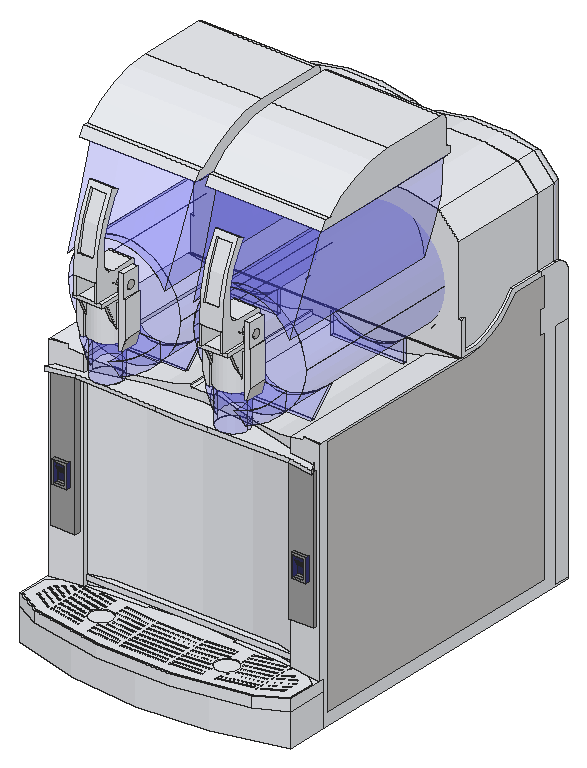
Revit family "QF_ELECTROLUXPROFESSIONAL_560051_NINA2ITNKUK", category Specialty Equipment, Revit 2018 (continued)
Automatic sketch dimensions
  curve 67 to curve 101 = 0.0 mm  (x2)
  curve 67 to curve 116 = 0.0 mm  (x2)
  curve 67 to curve 117 = 0.0 mm  (x2)
  curve 67 to curve 134 = 0.0 mm  (x2)
  curve 67 to curve 135 = 0.0 mm  (x2)
  curve 67 to curve 136 = 0.0 mm  (x2)
  curve 67 to curve 137 = 0.0 mm  (x2)
  curve 67 to curve 138 = 0.0 mm  (x2)
  curve 67 to curve 139 = 0.0 mm  (x2)
  curve 67 to curve 140 = 0.0 mm  (x2)
  curve 67 to curve 141 = 0.0 mm  (x2)
  curve 67 to curve 142 = 0.0 mm  (x2)
  curve 67 to curve 143 = 0.0 mm  (x2)
  curve 67 to curve 144 = 0.0 mm  (x2)
  curve 67 to curve 145 = 0.0 mm  (x2)
  curve 67 to curve 146 = 0.0 mm  (x2)
  curve 67 to curve 147 = 0.0 mm  (x2)
  curve 67 to curve 148 = 0.0 mm  (x2)
  curve 67 to curve 167 = 0.0 mm  (x2)
  curve 67 to curve 168 = 0.0 mm  (x2)
  curve 67 to curve 169 = 0.0 mm  (x2)
  curve 67 to curve 170 = 0.0 mm  (x2)
  curve 67 to curve 171 = 0.0 mm  (x2)
  curve 67 to curve 172 = 0.0 mm  (x2)
  curve 67 to curve 173 = 0.0 mm  (x2)
  curve 67 to curve 174 = 0.0 mm  (x2)
  curve 67 to curve 175 = 0.0 mm  (x2)
  curve 67 to curve 176 = 0.0 mm  (x2)
  curve 67 to curve 177 = 0.0 mm  (x2)
  curve 68 to curve 69 = 0.0 mm  (x2)
  curve 68 to curve 70 = 0.0 mm  (x2)
  curve 68 to curve 71 = 0.0 mm  (x2)
  curve 68 to curve 72 = 0.0 mm  (x2)
  curve 68 to curve 91 = 0.0 mm  (x2)
  curve 68 to curve 92 = 0.0 mm  (x2)
  curve 68 to curve 93 = 0.0 mm  (x2)
  curve 68 to curve 94 = 0.0 mm  (x2)
  curve 68 to curve 95 = 0.0 mm  (x2)
  curve 68 to curve 96 = 0.0 mm  (x2)
  curve 68 to curve 97 = 0.0 mm  (x2)
  curve 68 to curve 98 = 0.0 mm  (x2)
  curve 68 to curve 99 = 0.0 mm  (x2)
  curve 68 to curve 100 = 0.0 mm  (x2)
  curve 68 to curve 101 = 0.0 mm  (x2)
  curve 68 to curve 116 = 0.0 mm  (x2)
  curve 68 to curve 117 = 0.0 mm  (x2)
  curve 68 to curve 134 = 0.0 mm  (x2)
  curve 68 to curve 135 = 0.0 mm  (x2)
  curve 68 to curve 136 = 0.0 mm  (x2)
  curve 68 to curve 137 = 0.0 mm  (x2)
  curve 68 to curve 138 = 0.0 mm  (x2)
  curve 68 to curve 139 = 0.0 mm  (x2)
  curve 68 to curve 140 = 0.0 mm  (x2)
  curve 68 to curve 141 = 0.0 mm  (x2)
  curve 68 to curve 142 = 0.0 mm  (x2)
  curve 68 to curve 143 = 0.0 mm  (x2)
  curve 68 to curve 144 = 0.0 mm  (x2)
  curve 68 to curve 145 = 0.0 mm  (x2)
  curve 68 to curve 146 = 0.0 mm  (x2)
  curve 68 to curve 147 = 0.0 mm  (x2)
  curve 68 to curve 148 = 0.0 mm  (x2)
  curve 68 to curve 167 = 0.0 mm  (x2)
  curve 68 to curve 168 = 0.0 mm  (x2)
  curve 68 to curve 169 = 0.0 mm  (x2)
  curve 68 to curve 170 = 0.0 mm  (x2)
  curve 68 to curve 171 = 0.0 mm  (x2)
  curve 68 to curve 172 = 0.0 mm  (x2)
  curve 68 to curve 173 = 0.0 mm  (x2)
  curve 68 to curve 174 = 0.0 mm  (x2)
  curve 68 to curve 175 = 0.0 mm  (x2)
  curve 68 to curve 176 = 0.0 mm  (x2)
  curve 68 to curve 177 = 0.0 mm  (x2)
  curve 69 to curve 70 = 0.0 mm  (x2)
  curve 69 to curve 71 = 0.0 mm  (x2)
  curve 69 to curve 72 = 0.0 mm  (x2)
  curve 69 to curve 91 = 0.0 mm  (x2)
  curve 69 to curve 92 = 0.0 mm  (x2)
  curve 69 to curve 93 = 0.0 mm  (x2)
  curve 69 to curve 94 = 0.0 mm  (x2)
  curve 69 to curve 95 = 0.0 mm  (x2)
  curve 69 to curve 96 = 0.0 mm  (x2)
  curve 69 to curve 97 = 0.0 mm  (x2)
  curve 69 to curve 98 = 0.0 mm  (x2)
  curve 69 to curve 99 = 0.0 mm  (x2)
  curve 69 to curve 100 = 0.0 mm  (x2)
  curve 69 to curve 101 = 0.0 mm  (x2)
  curve 69 to curve 116 = 0.0 mm  (x2)
  curve 69 to curve 117 = 0.0 mm  (x2)
  curve 69 to curve 134 = 0.0 mm  (x2)
  curve 69 to curve 135 = 0.0 mm  (x2)
  curve 69 to curve 136 = 0.0 mm  (x2)
  curve 69 to curve 137 = 0.0 mm  (x2)
  curve 69 to curve 138 = 0.0 mm  (x2)
  curve 69 to curve 139 = 0.0 mm  (x2)
  curve 69 to curve 140 = 0.0 mm  (x2)
  curve 69 to curve 141 = 0.0 mm  (x2)
  curve 69 to curve 142 = 0.0 mm  (x2)
  curve 69 to curve 143 = 0.0 mm  (x2)
  curve 69 to curve 144 = 0.0 mm  (x2)
  curve 69 to curve 145 = 0.0 mm  (x2)
  curve 69 to curve 146 = 0.0 mm  (x2)
  curve 69 to curve 147 = 0.0 mm  (x2)
  curve 69 to curve 148 = 0.0 mm  (x2)
  curve 69 to curve 167 = 0.0 mm  (x2)
  curve 69 to curve 168 = 0.0 mm  (x2)
  curve 69 to curve 169 = 0.0 mm  (x2)
  curve 69 to curve 170 = 0.0 mm  (x2)
  curve 69 to curve 171 = 0.0 mm  (x2)
  curve 69 to curve 172 = 0.0 mm  (x2)
  curve 69 to curve 173 = 0.0 mm  (x2)
  curve 69 to curve 174 = 0.0 mm  (x2)
  curve 69 to curve 175 = 0.0 mm  (x2)
  curve 69 to curve 176 = 0.0 mm  (x2)
  curve 69 to curve 177 = 0.0 mm  (x2)
  curve 70 to curve 71 = 0.0 mm  (x2)
  curve 70 to curve 72 = 0.0 mm  (x2)
  curve 70 to curve 91 = 0.0 mm  (x2)
  curve 70 to curve 92 = 0.0 mm  (x2)
  curve 70 to curve 93 = 0.0 mm  (x2)
  curve 70 to curve 94 = 0.0 mm  (x2)
  curve 70 to curve 95 = 0.0 mm  (x2)
  curve 70 to curve 96 = 0.0 mm  (x2)
  curve 70 to curve 97 = 0.0 mm  (x2)
  curve 70 to curve 98 = 0.0 mm  (x2)
  curve 70 to curve 99 = 0.0 mm  (x2)
  curve 70 to curve 100 = 0.0 mm  (x2)
  curve 70 to curve 101 = 0.0 mm  (x2)
  curve 70 to curve 116 = 0.0 mm  (x2)
  curve 70 to curve 117 = 0.0 mm  (x2)
  curve 70 to curve 134 = 0.0 mm  (x2)
  curve 70 to curve 135 = 0.0 mm  (x2)
  curve 70 to curve 136 = 0.0 mm  (x2)
  curve 70 to curve 137 = 0.0 mm  (x2)
  curve 70 to curve 138 = 0.0 mm  (x2)
  curve 70 to curve 139 = 0.0 mm  (x2)
  curve 70 to curve 140 = 0.0 mm  (x2)
  curve 70 to curve 141 = 0.0 mm  (x2)
  curve 70 to curve 142 = 0.0 mm  (x2)
  curve 70 to curve 143 = 0.0 mm  (x2)
  curve 70 to curve 144 = 0.0 mm  (x2)
  curve 70 to curve 145 = 0.0 mm  (x2)
  curve 70 to curve 146 = 0.0 mm  (x2)
  curve 70 to curve 147 = 0.0 mm  (x2)
  curve 70 to curve 148 = 0.0 mm  (x2)
  curve 70 to curve 167 = 0.0 mm  (x2)
  curve 70 to curve 168 = 0.0 mm  (x2)
  curve 70 to curve 169 = 0.0 mm  (x2)
  curve 70 to curve 170 = 0.0 mm  (x2)
  curve 70 to curve 171 = 0.0 mm  (x2)
  curve 70 to curve 172 = 0.0 mm  (x2)
  curve 70 to curve 173 = 0.0 mm  (x2)
  curve 70 to curve 174 = 0.0 mm  (x2)
  curve 70 to curve 175 = 0.0 mm  (x2)
  curve 70 to curve 176 = 0.0 mm  (x2)
  curve 70 to curve 177 = 0.0 mm  (x2)
  curve 71 to curve 72 = 0.0 mm  (x2)
  curve 71 to curve 91 = 0.0 mm  (x2)
  curve 71 to curve 92 = 0.0 mm  (x2)
  curve 71 to curve 93 = 0.0 mm  (x2)
  curve 71 to curve 94 = 0.0 mm  (x2)
  curve 71 to curve 95 = 0.0 mm  (x2)
  curve 71 to curve 96 = 0.0 mm  (x2)
  curve 71 to curve 97 = 0.0 mm  (x2)
  curve 71 to curve 98 = 0.0 mm  (x2)
  curve 71 to curve 99 = 0.0 mm  (x2)
  curve 71 to curve 100 = 0.0 mm  (x2)
  curve 71 to curve 101 = 0.0 mm  (x2)
  curve 71 to curve 116 = 0.0 mm  (x2)
  curve 71 to curve 117 = 0.0 mm  (x2)
  curve 71 to curve 134 = 0.0 mm  (x2)
  curve 71 to curve 135 = 0.0 mm  (x2)
  curve 71 to curve 136 = 0.0 mm  (x2)
  curve 71 to curve 137 = 0.0 mm  (x2)
  curve 71 to curve 138 = 0.0 mm  (x2)
  curve 71 to curve 139 = 0.0 mm  (x2)
  curve 71 to curve 140 = 0.0 mm  (x2)
  curve 71 to curve 141 = 0.0 mm  (x2)
  curve 71 to curve 142 = 0.0 mm  (x2)
  curve 71 to curve 143 = 0.0 mm  (x2)
  curve 71 to curve 144 = 0.0 mm  (x2)
  curve 71 to curve 145 = 0.0 mm  (x2)
  curve 71 to curve 146 = 0.0 mm  (x2)
  curve 71 to curve 147 = 0.0 mm  (x2)
  curve 71 to curve 148 = 0.0 mm  (x2)
  curve 71 to curve 167 = 0.0 mm  (x2)
  curve 71 to curve 168 = 0.0 mm  (x2)
  curve 71 to curve 169 = 0.0 mm  (x2)
  curve 71 to curve 170 = 0.0 mm  (x2)
  curve 71 to curve 171 = 0.0 mm  (x2)
  curve 71 to curve 172 = 0.0 mm  (x2)
  curve 71 to curve 173 = 0.0 mm  (x2)
  curve 71 to curve 174 = 0.0 mm  (x2)
  curve 71 to curve 175 = 0.0 mm  (x2)
  curve 71 to curve 176 = 0.0 mm  (x2)
  curve 71 to curve 177 = 0.0 mm  (x2)
  curve 72 to curve 91 = 0.0 mm  (x2)
  curve 72 to curve 92 = 0.0 mm  (x2)
  curve 72 to curve 93 = 0.0 mm  (x2)
  curve 72 to curve 94 = 0.0 mm  (x2)
  curve 72 to curve 95 = 0.0 mm  (x2)
  curve 72 to curve 96 = 0.0 mm  (x2)
  curve 72 to curve 97 = 0.0 mm  (x2)
  curve 72 to curve 98 = 0.0 mm  (x2)
  curve 72 to curve 99 = 0.0 mm  (x2)
  curve 72 to curve 100 = 0.0 mm  (x2)
  curve 72 to curve 101 = 0.0 mm  (x2)
  curve 72 to curve 116 = 0.0 mm  (x2)
  curve 72 to curve 117 = 0.0 mm  (x2)
  curve 72 to curve 134 = 0.0 mm  (x2)
  curve 72 to curve 135 = 0.0 mm  (x2)
  curve 72 to curve 136 = 0.0 mm  (x2)
  curve 72 to curve 137 = 0.0 mm  (x2)
  curve 72 to curve 138 = 0.0 mm  (x2)
  curve 72 to curve 139 = 0.0 mm  (x2)
  curve 72 to curve 140 = 0.0 mm  (x2)
  curve 72 to curve 141 = 0.0 mm  (x2)
  curve 72 to curve 142 = 0.0 mm  (x2)
  curve 72 to curve 143 = 0.0 mm  (x2)
  curve 72 to curve 144 = 0.0 mm  (x2)
  curve 72 to curve 145 = 0.0 mm  (x2)
  curve 72 to curve 146 = 0.0 mm  (x2)
  curve 72 to curve 147 = 0.0 mm  (x2)
  curve 72 to curve 148 = 0.0 mm  (x2)
  curve 72 to curve 167 = 0.0 mm  (x2)
  curve 72 to curve 168 = 0.0 mm  (x2)
  curve 72 to curve 169 = 0.0 mm  (x2)
  curve 72 to curve 170 = 0.0 mm  (x2)
  curve 72 to curve 171 = 0.0 mm  (x2)
  curve 72 to curve 172 = 0.0 mm  (x2)
  curve 72 to curve 173 = 0.0 mm  (x2)
  curve 72 to curve 174 = 0.0 mm  (x2)
  curve 72 to curve 175 = 0.0 mm  (x2)
  curve 72 to curve 176 = 0.0 mm  (x2)
  curve 72 to curve 177 = 0.0 mm  (x2)
  curve 91 to curve 92 = 0.0 mm  (x2)
  curve 91 to curve 93 = 0.0 mm  (x2)
  curve 91 to curve 94 = 0.0 mm  (x2)
  curve 91 to curve 95 = 0.0 mm  (x2)
  curve 91 to curve 96 = 0.0 mm  (x2)
  curve 91 to curve 97 = 0.0 mm  (x2)
  curve 91 to curve 98 = 0.0 mm  (x2)
  curve 91 to curve 99 = 0.0 mm  (x2)
  curve 91 to curve 100 = 0.0 mm  (x2)
  curve 91 to curve 101 = 0.0 mm  (x2)
  curve 91 to curve 116 = 0.0 mm  (x2)
  curve 91 to curve 117 = 0.0 mm  (x2)
  curve 91 to curve 134 = 0.0 mm  (x2)
  curve 91 to curve 135 = 0.0 mm  (x2)
  curve 91 to curve 136 = 0.0 mm  (x2)
  curve 91 to curve 137 = 0.0 mm  (x2)
  curve 91 to curve 138 = 0.0 mm  (x2)
  curve 91 to curve 139 = 0.0 mm  (x2)
  curve 91 to curve 140 = 0.0 mm  (x2)
  curve 91 to curve 141 = 0.0 mm  (x2)
  curve 91 to curve 142 = 0.0 mm  (x2)
  curve 91 to curve 143 = 0.0 mm  (x2)
  curve 91 to curve 144 = 0.0 mm  (x2)
  curve 91 to curve 145 = 0.0 mm  (x2)
  curve 91 to curve 146 = 0.0 mm  (x2)
  curve 91 to curve 147 = 0.0 mm  (x2)
  curve 91 to curve 148 = 0.0 mm  (x2)
  curve 91 to curve 167 = 0.0 mm  (x2)
  curve 91 to curve 168 = 0.0 mm  (x2)
  curve 91 to curve 169 = 0.0 mm  (x2)
  curve 91 to curve 170 = 0.0 mm  (x2)
  curve 91 to curve 171 = 0.0 mm  (x2)
  curve 91 to curve 172 = 0.0 mm  (x2)
  curve 91 to curve 173 = 0.0 mm  (x2)
  curve 91 to curve 174 = 0.0 mm  (x2)
  curve 91 to curve 175 = 0.0 mm  (x2)
  curve 91 to curve 176 = 0.0 mm  (x2)
  curve 91 to curve 177 = 0.0 mm  (x2)
  curve 92 to curve 93 = 0.0 mm  (x2)
  curve 92 to curve 94 = 0.0 mm  (x2)
  curve 92 to curve 95 = 0.0 mm  (x2)
  curve 92 to curve 96 = 0.0 mm  (x2)
  curve 92 to curve 97 = 0.0 mm  (x2)
  curve 92 to curve 98 = 0.0 mm  (x2)
  curve 92 to curve 99 = 0.0 mm  (x2)
  curve 92 to curve 100 = 0.0 mm  (x2)
  curve 92 to curve 101 = 0.0 mm  (x2)
  curve 92 to curve 116 = 0.0 mm  (x2)
  curve 92 to curve 117 = 0.0 mm  (x2)
  curve 92 to curve 134 = 0.0 mm  (x2)
  curve 92 to curve 135 = 0.0 mm  (x2)
  curve 92 to curve 136 = 0.0 mm  (x2)
  curve 92 to curve 137 = 0.0 mm  (x2)
  curve 92 to curve 138 = 0.0 mm  (x2)
  curve 92 to curve 139 = 0.0 mm  (x2)
  curve 92 to curve 140 = 0.0 mm  (x2)
  curve 92 to curve 141 = 0.0 mm  (x2)
  curve 92 to curve 142 = 0.0 mm  (x2)
  curve 92 to curve 143 = 0.0 mm  (x2)
  curve 92 to curve 144 = 0.0 mm  (x2)
  curve 92 to curve 145 = 0.0 mm  (x2)
  curve 92 to curve 146 = 0.0 mm  (x2)
  curve 92 to curve 147 = 0.0 mm  (x2)
  curve 92 to curve 148 = 0.0 mm  (x2)
  curve 92 to curve 167 = 0.0 mm  (x2)
  curve 92 to curve 168 = 0.0 mm  (x2)
  curve 92 to curve 169 = 0.0 mm  (x2)
  curve 92 to curve 170 = 0.0 mm  (x2)
  curve 92 to curve 171 = 0.0 mm  (x2)
  curve 92 to curve 172 = 0.0 mm  (x2)
  curve 92 to curve 173 = 0.0 mm  (x2)
  curve 92 to curve 174 = 0.0 mm  (x2)
  curve 92 to curve 175 = 0.0 mm  (x2)
  curve 92 to curve 176 = 0.0 mm  (x2)
  curve 92 to curve 177 = 0.0 mm  (x2)
  curve 93 to curve 94 = 0.0 mm  (x2)
  curve 93 to curve 95 = 0.0 mm  (x2)
  curve 93 to curve 96 = 0.0 mm  (x2)
  curve 93 to curve 97 = 0.0 mm  (x2)
  curve 93 to curve 98 = 0.0 mm  (x2)
  curve 93 to curve 99 = 0.0 mm  (x2)
  curve 93 to curve 100 = 0.0 mm  (x2)
  curve 93 to curve 101 = 0.0 mm  (x2)
  curve 93 to curve 116 = 0.0 mm  (x2)
  curve 93 to curve 117 = 0.0 mm  (x2)
  curve 93 to curve 134 = 0.0 mm  (x2)
  curve 93 to curve 135 = 0.0 mm  (x2)
  curve 93 to curve 136 = 0.0 mm  (x2)
  curve 93 to curve 137 = 0.0 mm  (x2)
  curve 93 to curve 138 = 0.0 mm  (x2)
  curve 93 to curve 139 = 0.0 mm  (x2)
  curve 93 to curve 140 = 0.0 mm  (x2)
  curve 93 to curve 141 = 0.0 mm  (x2)
  curve 93 to curve 142 = 0.0 mm  (x2)
  curve 93 to curve 143 = 0.0 mm  (x2)
  curve 93 to curve 144 = 0.0 mm  (x2)
  curve 93 to curve 145 = 0.0 mm  (x2)
  curve 93 to curve 146 = 0.0 mm  (x2)
  curve 93 to curve 147 = 0.0 mm  (x2)
  curve 93 to curve 148 = 0.0 mm  (x2)
  curve 93 to curve 167 = 0.0 mm  (x2)
  curve 93 to curve 168 = 0.0 mm  (x2)
  curve 93 to curve 169 = 0.0 mm  (x2)
  curve 93 to curve 170 = 0.0 mm  (x2)
  curve 93 to curve 171 = 0.0 mm  (x2)
  curve 93 to curve 172 = 0.0 mm  (x2)
  curve 93 to curve 173 = 0.0 mm  (x2)
  curve 93 to curve 174 = 0.0 mm  (x2)
  curve 93 to curve 175 = 0.0 mm  (x2)
  curve 93 to curve 176 = 0.0 mm  (x2)
  curve 93 to curve 177 = 0.0 mm  (x2)
  curve 94 to curve 95 = 0.0 mm  (x2)
  curve 94 to curve 96 = 0.0 mm  (x2)
  curve 94 to curve 97 = 0.0 mm  (x2)
  curve 94 to curve 98 = 0.0 mm  (x2)
  curve 94 to curve 99 = 0.0 mm  (x2)
  curve 94 to curve 100 = 0.0 mm  (x2)
  curve 94 to curve 101 = 0.0 mm  (x2)
  curve 94 to curve 116 = 0.0 mm  (x2)
  curve 94 to curve 117 = 0.0 mm  (x2)
  curve 94 to curve 134 = 0.0 mm  (x2)
  curve 94 to curve 135 = 0.0 mm  (x2)
  curve 94 to curve 136 = 0.0 mm  (x2)
  curve 94 to curve 137 = 0.0 mm  (x2)
  curve 94 to curve 138 = 0.0 mm  (x2)
  curve 94 to curve 139 = 0.0 mm  (x2)
  curve 94 to curve 140 = 0.0 mm  (x2)
  curve 94 to curve 141 = 0.0 mm  (x2)
  curve 94 to curve 142 = 0.0 mm  (x2)
  curve 94 to curve 143 = 0.0 mm  (x2)
  curve 94 to curve 144 = 0.0 mm  (x2)
  curve 94 to curve 145 = 0.0 mm  (x2)
  curve 94 to curve 146 = 0.0 mm  (x2)
  curve 94 to curve 147 = 0.0 mm  (x2)
  curve 94 to curve 148 = 0.0 mm  (x2)
  curve 94 to curve 167 = 0.0 mm  (x2)
  curve 94 to curve 168 = 0.0 mm  (x2)
  curve 94 to curve 169 = 0.0 mm  (x2)
  curve 94 to curve 170 = 0.0 mm  (x2)
  curve 94 to curve 171 = 0.0 mm  (x2)
  curve 94 to curve 172 = 0.0 mm  (x2)
  curve 94 to curve 173 = 0.0 mm  (x2)
  curve 94 to curve 174 = 0.0 mm  (x2)
  curve 94 to curve 175 = 0.0 mm  (x2)
  curve 94 to curve 176 = 0.0 mm  (x2)
  curve 94 to curve 177 = 0.0 mm  (x2)
  curve 95 to curve 96 = 0.0 mm  (x2)
  curve 95 to curve 97 = 0.0 mm  (x2)
  curve 95 to curve 98 = 0.0 mm  (x2)
  curve 95 to curve 99 = 0.0 mm  (x2)
  curve 95 to curve 100 = 0.0 mm  (x2)
  curve 95 to curve 101 = 0.0 mm  (x2)
  curve 95 to curve 116 = 0.0 mm  (x2)
  curve 95 to curve 117 = 0.0 mm  (x2)
  curve 95 to curve 134 = 0.0 mm  (x2)
  curve 95 to curve 135 = 0.0 mm  (x2)
  curve 95 to curve 136 = 0.0 mm  (x2)
  curve 95 to curve 137 = 0.0 mm  (x2)
  curve 95 to curve 138 = 0.0 mm  (x2)
  curve 95 to curve 139 = 0.0 mm  (x2)
  curve 95 to curve 140 = 0.0 mm  (x2)
  curve 95 to curve 141 = 0.0 mm  (x2)
  curve 95 to curve 142 = 0.0 mm  (x2)
  curve 95 to curve 143 = 0.0 mm  (x2)
  curve 95 to curve 144 = 0.0 mm  (x2)
  curve 95 to curve 145 = 0.0 mm  (x2)
  curve 95 to curve 146 = 0.0 mm  (x2)
  curve 95 to curve 147 = 0.0 mm  (x2)
  curve 95 to curve 148 = 0.0 mm  (x2)
  curve 95 to curve 167 = 0.0 mm  (x2)
  curve 95 to curve 168 = 0.0 mm  (x2)
  curve 95 to curve 169 = 0.0 mm  (x2)
  curve 95 to curve 170 = 0.0 mm  (x2)
  curve 95 to curve 171 = 0.0 mm  (x2)
  curve 95 to curve 172 = 0.0 mm  (x2)
  curve 95 to curve 173 = 0.0 mm  (x2)
  curve 95 to curve 174 = 0.0 mm  (x2)
  curve 95 to curve 175 = 0.0 mm  (x2)
  curve 95 to curve 176 = 0.0 mm  (x2)
  curve 95 to curve 177 = 0.0 mm  (x2)
  curve 96 to curve 97 = 0.0 mm  (x2)
  curve 96 to curve 98 = 0.0 mm  (x2)
  curve 96 to curve 99 = 0.0 mm  (x2)
  curve 96 to curve 100 = 0.0 mm  (x2)
  curve 96 to curve 101 = 0.0 mm  (x2)
  curve 96 to curve 116 = 0.0 mm  (x2)
  curve 96 to curve 117 = 0.0 mm  (x2)
  curve 96 to curve 134 = 0.0 mm  (x2)
  curve 96 to curve 135 = 0.0 mm  (x2)
  curve 96 to curve 136 = 0.0 mm  (x2)
  curve 96 to curve 137 = 0.0 mm  (x2)
  curve 96 to curve 138 = 0.0 mm  (x2)
  curve 96 to curve 139 = 0.0 mm  (x2)
  curve 96 to curve 140 = 0.0 mm  (x2)
  curve 96 to curve 141 = 0.0 mm  (x2)
  curve 96 to curve 142 = 0.0 mm  (x2)
  curve 96 to curve 143 = 0.0 mm  (x2)
  curve 96 to curve 144 = 0.0 mm  (x2)
  curve 96 to curve 145 = 0.0 mm  (x2)
  curve 96 to curve 146 = 0.0 mm  (x2)
  curve 96 to curve 147 = 0.0 mm  (x2)
  curve 96 to curve 148 = 0.0 mm  (x2)
  curve 96 to curve 167 = 0.0 mm  (x2)
  curve 96 to curve 168 = 0.0 mm  (x2)
  curve 96 to curve 169 = 0.0 mm  (x2)
  curve 96 to curve 170 = 0.0 mm  (x2)
  curve 96 to curve 171 = 0.0 mm  (x2)
  curve 96 to curve 172 = 0.0 mm  (x2)
  curve 96 to curve 173 = 0.0 mm  (x2)
  curve 96 to curve 174 = 0.0 mm  (x2)
  curve 96 to curve 175 = 0.0 mm  (x2)
  curve 96 to curve 176 = 0.0 mm  (x2)
  curve 96 to curve 177 = 0.0 mm  (x2)
  curve 97 to curve 98 = 0.0 mm  (x2)
  curve 97 to curve 99 = 0.0 mm  (x2)
  curve 97 to curve 100 = 0.0 mm  (x2)
  curve 97 to curve 101 = 0.0 mm  (x2)
  curve 97 to curve 116 = 0.0 mm  (x2)
  curve 97 to curve 117 = 0.0 mm  (x2)
  curve 97 to curve 134 = 0.0 mm  (x2)
  curve 97 to curve 135 = 0.0 mm  (x2)
  curve 97 to curve 136 = 0.0 mm  (x2)
  curve 97 to curve 137 = 0.0 mm  (x2)
  curve 97 to curve 138 = 0.0 mm  (x2)
  curve 97 to curve 139 = 0.0 mm  (x2)
  curve 97 to curve 140 = 0.0 mm  (x2)
  curve 97 to curve 141 = 0.0 mm  (x2)
  curve 97 to curve 142 = 0.0 mm  (x2)
  curve 97 to curve 143 = 0.0 mm  (x2)
  curve 97 to curve 144 = 0.0 mm  (x2)
  curve 97 to curve 145 = 0.0 mm  (x2)
  curve 97 to curve 146 = 0.0 mm  (x2)
  curve 97 to curve 147 = 0.0 mm  (x2)
  curve 97 to curve 148 = 0.0 mm  (x2)
  curve 97 to curve 167 = 0.0 mm  (x2)
  curve 97 to curve 168 = 0.0 mm  (x2)
  curve 97 to curve 169 = 0.0 mm  (x2)
  curve 97 to curve 170 = 0.0 mm  (x2)
  curve 97 to curve 171 = 0.0 mm  (x2)
  curve 97 to curve 172 = 0.0 mm  (x2)
  curve 97 to curve 173 = 0.0 mm  (x2)
  curve 97 to curve 174 = 0.0 mm  (x2)
  curve 97 to curve 175 = 0.0 mm  (x2)
  curve 97 to curve 176 = 0.0 mm  (x2)
  curve 97 to curve 177 = 0.0 mm  (x2)
  curve 98 to curve 99 = 0.0 mm  (x2)
  curve 98 to curve 100 = 0.0 mm  (x2)
  curve 98 to curve 101 = 0.0 mm  (x2)
  curve 98 to curve 116 = 0.0 mm  (x2)
  curve 98 to curve 117 = 0.0 mm  (x2)
  curve 98 to curve 134 = 0.0 mm  (x2)
  curve 98 to curve 135 = 0.0 mm  (x2)
  curve 98 to curve 136 = 0.0 mm  (x2)
  curve 98 to curve 137 = 0.0 mm  (x2)
  curve 98 to curve 138 = 0.0 mm  (x2)
  curve 98 to curve 139 = 0.0 mm  (x2)
  curve 98 to curve 140 = 0.0 mm  (x2)
  curve 98 to curve 141 = 0.0 mm  (x2)
  curve 98 to curve 142 = 0.0 mm  (x2)
  curve 98 to curve 143 = 0.0 mm  (x2)
  curve 98 to curve 144 = 0.0 mm  (x2)
  curve 98 to curve 145 = 0.0 mm  (x2)
  curve 98 to curve 146 = 0.0 mm  (x2)
  curve 98 to curve 147 = 0.0 mm  (x2)
  curve 98 to curve 148 = 0.0 mm  (x2)
  curve 98 to curve 167 = 0.0 mm  (x2)
  curve 98 to curve 168 = 0.0 mm  (x2)
  curve 98 to curve 169 = 0.0 mm  (x2)
  curve 98 to curve 170 = 0.0 mm  (x2)
  curve 98 to curve 171 = 0.0 mm  (x2)
  curve 98 to curve 172 = 0.0 mm  (x2)
  curve 98 to curve 173 = 0.0 mm  (x2)
  curve 98 to curve 174 = 0.0 mm  (x2)
  curve 98 to curve 175 = 0.0 mm  (x2)
  curve 98 to curve 176 = 0.0 mm  (x2)
  curve 98 to curve 177 = 0.0 mm  (x2)
  curve 99 to curve 100 = 0.0 mm  (x2)
  curve 99 to curve 101 = 0.0 mm  (x2)
  curve 99 to curve 116 = 0.0 mm  (x2)
  curve 99 to curve 117 = 0.0 mm  (x2)
  curve 99 to curve 134 = 0.0 mm  (x2)
  curve 99 to curve 135 = 0.0 mm  (x2)
  curve 99 to curve 136 = 0.0 mm  (x2)
  curve 99 to curve 137 = 0.0 mm  (x2)
  curve 99 to curve 138 = 0.0 mm  (x2)
  curve 99 to curve 139 = 0.0 mm  (x2)
  curve 99 to curve 140 = 0.0 mm  (x2)
  curve 99 to curve 141 = 0.0 mm  (x2)
  curve 99 to curve 142 = 0.0 mm  (x2)
  curve 99 to curve 143 = 0.0 mm  (x2)
  curve 99 to curve 144 = 0.0 mm  (x2)
  curve 99 to curve 145 = 0.0 mm  (x2)
  curve 99 to curve 146 = 0.0 mm  (x2)
  curve 99 to curve 147 = 0.0 mm  (x2)
  curve 99 to curve 148 = 0.0 mm  (x2)
  curve 99 to curve 167 = 0.0 mm  (x2)
  curve 99 to curve 168 = 0.0 mm  (x2)
  curve 99 to curve 169 = 0.0 mm  (x2)
  curve 99 to curve 170 = 0.0 mm  (x2)
  curve 99 to curve 171 = 0.0 mm  (x2)
  curve 99 to curve 172 = 0.0 mm  (x2)
  curve 99 to curve 173 = 0.0 mm  (x2)
  curve 99 to curve 174 = 0.0 mm  (x2)
  curve 99 to curve 175 = 0.0 mm  (x2)
  curve 99 to curve 176 = 0.0 mm  (x2)
  curve 99 to curve 177 = 0.0 mm  (x2)
  curve 100 to curve 101 = 0.0 mm  (x2)
  curve 100 to curve 116 = 0.0 mm  (x2)
  curve 100 to curve 117 = 0.0 mm  (x2)
  curve 100 to curve 134 = 0.0 mm  (x2)
  curve 100 to curve 135 = 0.0 mm  (x2)
  curve 100 to curve 136 = 0.0 mm  (x2)
  curve 100 to curve 137 = 0.0 mm  (x2)
  curve 100 to curve 138 = 0.0 mm  (x2)
  curve 100 to curve 139 = 0.0 mm  (x2)
  curve 100 to curve 140 = 0.0 mm  (x2)
  curve 100 to curve 141 = 0.0 mm  (x2)
  curve 100 to curve 142 = 0.0 mm  (x2)
  curve 100 to curve 143 = 0.0 mm  (x2)
  curve 100 to curve 144 = 0.0 mm  (x2)
  curve 100 to curve 145 = 0.0 mm  (x2)
  curve 100 to curve 146 = 0.0 mm  (x2)
  curve 100 to curve 147 = 0.0 mm  (x2)
  curve 100 to curve 148 = 0.0 mm  (x2)
  curve 100 to curve 167 = 0.0 mm  (x2)
  curve 100 to curve 168 = 0.0 mm  (x2)
  curve 100 to curve 169 = 0.0 mm  (x2)
  curve 100 to curve 170 = 0.0 mm  (x2)
  curve 100 to curve 171 = 0.0 mm  (x2)
  curve 100 to curve 172 = 0.0 mm  (x2)
  curve 100 to curve 173 = 0.0 mm  (x2)
  curve 100 to curve 174 = 0.0 mm  (x2)
  curve 100 to curve 175 = 0.0 mm  (x2)
  curve 100 to curve 176 = 0.0 mm  (x2)
  curve 100 to curve 177 = 0.0 mm  (x2)
  curve 101 to curve 116 = 0.0 mm  (x2)
  curve 101 to curve 117 = 0.0 mm  (x2)
  curve 101 to curve 134 = 0.0 mm  (x2)
  curve 101 to curve 135 = 0.0 mm  (x2)
  curve 101 to curve 136 = 0.0 mm  (x2)
  curve 101 to curve 137 = 0.0 mm  (x2)
  curve 101 to curve 138 = 0.0 mm  (x2)
  curve 101 to curve 139 = 0.0 mm  (x2)
  curve 101 to curve 140 = 0.0 mm  (x2)
  curve 101 to curve 141 = 0.0 mm  (x2)
  curve 101 to curve 142 = 0.0 mm  (x2)
  curve 101 to curve 143 = 0.0 mm  (x2)
  curve 101 to curve 144 = 0.0 mm  (x2)
  curve 101 to curve 145 = 0.0 mm  (x2)
  curve 101 to curve 146 = 0.0 mm  (x2)
  curve 101 to curve 147 = 0.0 mm  (x2)
  curve 101 to curve 148 = 0.0 mm  (x2)
  curve 101 to curve 167 = 0.0 mm  (x2)
  curve 101 to curve 168 = 0.0 mm  (x2)
  curve 101 to curve 169 = 0.0 mm  (x2)
  curve 101 to curve 170 = 0.0 mm  (x2)
  curve 101 to curve 171 = 0.0 mm  (x2)
  curve 101 to curve 172 = 0.0 mm  (x2)
  curve 101 to curve 173 = 0.0 mm  (x2)
  curve 101 to curve 174 = 0.0 mm  (x2)
  curve 101 to curve 175 = 0.0 mm  (x2)
  curve 101 to curve 176 = 0.0 mm  (x2)
  curve 101 to curve 177 = 0.0 mm  (x2)
  curve 116 to curve 117 = 0.0 mm  (x2)
  curve 116 to curve 134 = 0.0 mm  (x2)
  curve 116 to curve 135 = 0.0 mm  (x2)
  curve 116 to curve 136 = 0.0 mm  (x2)
  curve 116 to curve 137 = 0.0 mm  (x2)
  curve 116 to curve 138 = 0.0 mm  (x2)
  curve 116 to curve 139 = 0.0 mm  (x2)
  curve 116 to curve 140 = 0.0 mm  (x2)
  curve 116 to curve 141 = 0.0 mm  (x2)
  curve 116 to curve 142 = 0.0 mm  (x2)
  curve 116 to curve 143 = 0.0 mm  (x2)
  curve 116 to curve 144 = 0.0 mm  (x2)
  curve 116 to curve 145 = 0.0 mm  (x2)
  curve 116 to curve 146 = 0.0 mm  (x2)
  curve 116 to curve 147 = 0.0 mm  (x2)
  curve 116 to curve 148 = 0.0 mm  (x2)
  curve 116 to curve 167 = 0.0 mm  (x2)
  curve 116 to curve 168 = 0.0 mm  (x2)
  curve 116 to curve 169 = 0.0 mm  (x2)
  curve 116 to curve 170 = 0.0 mm  (x2)
  curve 116 to curve 171 = 0.0 mm  (x2)
  curve 116 to curve 172 = 0.0 mm  (x2)
  curve 116 to curve 173 = 0.0 mm  (x2)
  curve 116 to curve 174 = 0.0 mm  (x2)
  curve 116 to curve 175 = 0.0 mm  (x2)
  curve 116 to curve 176 = 0.0 mm  (x2)
  curve 116 to curve 177 = 0.0 mm  (x2)
  curve 117 to curve 134 = 0.0 mm  (x2)
  curve 117 to curve 135 = 0.0 mm  (x2)
  curve 117 to curve 136 = 0.0 mm  (x2)
  curve 117 to curve 137 = 0.0 mm  (x2)
  curve 117 to curve 138 = 0.0 mm  (x2)
  curve 117 to curve 139 = 0.0 mm  (x2)
  curve 117 to curve 140 = 0.0 mm  (x2)
  curve 117 to curve 141 = 0.0 mm  (x2)
  curve 117 to curve 142 = 0.0 mm  (x2)
  curve 117 to curve 143 = 0.0 mm  (x2)
  curve 117 to curve 144 = 0.0 mm  (x2)
  curve 117 to curve 145 = 0.0 mm  (x2)
  curve 117 to curve 146 = 0.0 mm  (x2)
  curve 117 to curve 147 = 0.0 mm  (x2)
  curve 117 to curve 148 = 0.0 mm  (x2)
  curve 117 to curve 167 = 0.0 mm  (x2)
  curve 117 to curve 168 = 0.0 mm  (x2)
  curve 117 to curve 169 = 0.0 mm  (x2)
  curve 117 to curve 170 = 0.0 mm  (x2)
  curve 117 to curve 171 = 0.0 mm  (x2)
  curve 117 to curve 172 = 0.0 mm  (x2)
  curve 117 to curve 173 = 0.0 mm  (x2)
  curve 117 to curve 174 = 0.0 mm  (x2)
  curve 117 to curve 175 = 0.0 mm  (x2)
  curve 117 to curve 176 = 0.0 mm  (x2)
  curve 117 to curve 177 = 0.0 mm  (x2)
  curve 134 to curve 135 = 0.0 mm  (x2)
  curve 134 to curve 136 = 0.0 mm  (x2)
  curve 134 to curve 137 = 0.0 mm  (x2)
  curve 134 to curve 138 = 0.0 mm  (x2)
  curve 134 to curve 139 = 0.0 mm  (x2)
  curve 134 to curve 140 = 0.0 mm  (x2)
  curve 134 to curve 141 = 0.0 mm  (x2)
  curve 134 to curve 142 = 0.0 mm  (x2)
  curve 134 to curve 143 = 0.0 mm  (x2)
  curve 134 to curve 144 = 0.0 mm  (x2)
  curve 134 to curve 145 = 0.0 mm  (x2)
  curve 134 to curve 146 = 0.0 mm  (x2)
  curve 134 to curve 147 = 0.0 mm  (x2)
  curve 134 to curve 148 = 0.0 mm  (x2)
  curve 134 to curve 167 = 0.0 mm  (x2)
  curve 134 to curve 168 = 0.0 mm  (x2)
  curve 134 to curve 169 = 0.0 mm  (x2)
  curve 134 to curve 170 = 0.0 mm  (x2)
  curve 134 to curve 171 = 0.0 mm  (x2)
  curve 134 to curve 172 = 0.0 mm  (x2)
  curve 134 to curve 173 = 0.0 mm  (x2)
  curve 134 to curve 174 = 0.0 mm  (x2)
  curve 134 to curve 175 = 0.0 mm  (x2)
  curve 134 to curve 176 = 0.0 mm  (x2)
  curve 134 to curve 177 = 0.0 mm  (x2)
  curve 135 to curve 136 = 0.0 mm  (x2)
  curve 135 to curve 137 = 0.0 mm  (x2)
  curve 135 to curve 138 = 0.0 mm  (x2)
  curve 135 to curve 139 = 0.0 mm  (x2)
  curve 135 to curve 140 = 0.0 mm  (x2)
  curve 135 to curve 141 = 0.0 mm  (x2)
  curve 135 to curve 142 = 0.0 mm  (x2)
  curve 135 to curve 143 = 0.0 mm  (x2)
  curve 135 to curve 144 = 0.0 mm  (x2)
  curve 135 to curve 145 = 0.0 mm  (x2)
  curve 135 to curve 146 = 0.0 mm  (x2)
  curve 135 to curve 147 = 0.0 mm  (x2)
  curve 135 to curve 148 = 0.0 mm  (x2)
  curve 135 to curve 167 = 0.0 mm  (x2)
  curve 135 to curve 168 = 0.0 mm  (x2)
  curve 135 to curve 169 = 0.0 mm  (x2)
  curve 135 to curve 170 = 0.0 mm  (x2)
  curve 135 to curve 171 = 0.0 mm  (x2)
  curve 135 to curve 172 = 0.0 mm  (x2)
  curve 135 to curve 173 = 0.0 mm  (x2)
  curve 135 to curve 174 = 0.0 mm  (x2)
  curve 135 to curve 175 = 0.0 mm  (x2)
  curve 135 to curve 176 = 0.0 mm  (x2)
  curve 135 to curve 177 = 0.0 mm  (x2)
  curve 136 to curve 137 = 0.0 mm  (x2)
  curve 136 to curve 138 = 0.0 mm  (x2)
  curve 136 to curve 139 = 0.0 mm  (x2)
  curve 136 to curve 140 = 0.0 mm  (x2)
  curve 136 to curve 141 = 0.0 mm  (x2)
  curve 136 to curve 142 = 0.0 mm  (x2)
  curve 136 to curve 143 = 0.0 mm  (x2)
  curve 136 to curve 144 = 0.0 mm  (x2)
  curve 136 to curve 145 = 0.0 mm  (x2)
  curve 136 to curve 146 = 0.0 mm  (x2)
  curve 136 to curve 147 = 0.0 mm  (x2)
  curve 136 to curve 148 = 0.0 mm  (x2)
  curve 136 to curve 167 = 0.0 mm  (x2)
  curve 136 to curve 168 = 0.0 mm  (x2)
  curve 136 to curve 169 = 0.0 mm  (x2)
  curve 136 to curve 170 = 0.0 mm  (x2)
  curve 136 to curve 171 = 0.0 mm  (x2)
  curve 136 to curve 172 = 0.0 mm  (x2)
  curve 136 to curve 173 = 0.0 mm  (x2)
  curve 136 to curve 174 = 0.0 mm  (x2)
  curve 136 to curve 175 = 0.0 mm  (x2)
  curve 136 to curve 176 = 0.0 mm  (x2)
  curve 136 to curve 177 = 0.0 mm  (x2)
  curve 137 to curve 138 = 0.0 mm  (x2)
  curve 137 to curve 139 = 0.0 mm  (x2)
  curve 137 to curve 140 = 0.0 mm  (x2)
  curve 137 to curve 141 = 0.0 mm  (x2)
  curve 137 to curve 142 = 0.0 mm  (x2)
  curve 137 to curve 143 = 0.0 mm  (x2)
  curve 137 to curve 144 = 0.0 mm  (x2)
  curve 137 to curve 145 = 0.0 mm  (x2)
  curve 137 to curve 146 = 0.0 mm  (x2)
  curve 137 to curve 147 = 0.0 mm  (x2)
  curve 137 to curve 148 = 0.0 mm  (x2)
  curve 137 to curve 167 = 0.0 mm  (x2)
  curve 137 to curve 168 = 0.0 mm  (x2)
  curve 137 to curve 169 = 0.0 mm  (x2)
  curve 137 to curve 170 = 0.0 mm  (x2)
  curve 137 to curve 171 = 0.0 mm  (x2)
  curve 137 to curve 172 = 0.0 mm  (x2)
  curve 137 to curve 173 = 0.0 mm  (x2)
  curve 137 to curve 174 = 0.0 mm  (x2)
  curve 137 to curve 175 = 0.0 mm  (x2)
  curve 137 to curve 176 = 0.0 mm  (x2)
  curve 137 to curve 177 = 0.0 mm  (x2)
  curve 138 to curve 139 = 0.0 mm  (x2)
  curve 138 to curve 140 = 0.0 mm  (x2)
  curve 138 to curve 141 = 0.0 mm  (x2)
  curve 138 to curve 142 = 0.0 mm  (x2)
  curve 138 to curve 143 = 0.0 mm  (x2)
  curve 138 to curve 144 = 0.0 mm  (x2)
  curve 138 to curve 145 = 0.0 mm  (x2)
  curve 138 to curve 146 = 0.0 mm  (x2)
  curve 138 to curve 147 = 0.0 mm  (x2)
  curve 138 to curve 148 = 0.0 mm  (x2)
  curve 138 to curve 167 = 0.0 mm  (x2)
  curve 138 to curve 168 = 0.0 mm  (x2)
  curve 138 to curve 169 = 0.0 mm  (x2)
  curve 138 to curve 170 = 0.0 mm  (x2)
  curve 138 to curve 171 = 0.0 mm  (x2)
  curve 138 to curve 172 = 0.0 mm  (x2)
  curve 138 to curve 173 = 0.0 mm  (x2)
  curve 138 to curve 174 = 0.0 mm  (x2)
  curve 138 to curve 175 = 0.0 mm  (x2)
  curve 138 to curve 176 = 0.0 mm  (x2)
  curve 138 to curve 177 = 0.0 mm  (x2)
  curve 139 to curve 140 = 0.0 mm  (x2)
  curve 139 to curve 141 = 0.0 mm  (x2)
  curve 139 to curve 142 = 0.0 mm  (x2)
  curve 139 to curve 143 = 0.0 mm  (x2)
  curve 139 to curve 144 = 0.0 mm  (x2)
  curve 139 to curve 145 = 0.0 mm  (x2)
  curve 139 to curve 146 = 0.0 mm  (x2)
  curve 139 to curve 147 = 0.0 mm  (x2)
  curve 139 to curve 148 = 0.0 mm  (x2)
  curve 139 to curve 167 = 0.0 mm  (x2)
  curve 139 to curve 168 = 0.0 mm  (x2)
  curve 139 to curve 169 = 0.0 mm  (x2)
  curve 139 to curve 170 = 0.0 mm  (x2)
  curve 139 to curve 171 = 0.0 mm  (x2)
  curve 139 to curve 172 = 0.0 mm  (x2)
  curve 139 to curve 173 = 0.0 mm  (x2)
  curve 139 to curve 174 = 0.0 mm  (x2)
  curve 139 to curve 175 = 0.0 mm  (x2)
  curve 139 to curve 176 = 0.0 mm  (x2)
  curve 139 to curve 177 = 0.0 mm  (x2)
  curve 140 to curve 141 = 0.0 mm  (x3)
  curve 140 to curve 142 = 0.0 mm  (x2)
  curve 140 to curve 143 = 0.0 mm  (x2)
  curve 140 to curve 144 = 0.0 mm  (x2)
  curve 140 to curve 145 = 0.0 mm  (x2)
  curve 140 to curve 146 = 0.0 mm  (x2)
  curve 140 to curve 147 = 0.0 mm  (x2)
  curve 140 to curve 148 = 0.0 mm  (x2)
  curve 140 to curve 167 = 0.0 mm  (x2)
  curve 140 to curve 168 = 0.0 mm  (x2)
  curve 140 to curve 169 = 0.0 mm  (x2)
  curve 140 to curve 170 = 0.0 mm  (x2)
  curve 140 to curve 171 = 0.0 mm  (x2)
  curve 140 to curve 172 = 0.0 mm  (x2)
  curve 140 to curve 173 = 0.0 mm  (x2)
  curve 140 to curve 174 = 0.0 mm  (x2)
  curve 140 to curve 175 = 0.0 mm  (x2)
  curve 140 to curve 176 = 0.0 mm  (x2)
  curve 140 to curve 177 = 0.0 mm  (x2)
  curve 141 to curve 142 = 0.0 mm  (x2)
  curve 141 to curve 143 = 0.0 mm  (x2)
  curve 141 to curve 144 = 0.0 mm  (x2)
  curve 141 to curve 145 = 0.0 mm  (x2)
  curve 141 to curve 146 = 0.0 mm  (x2)
  curve 141 to curve 147 = 0.0 mm  (x2)
  curve 141 to curve 148 = 0.0 mm  (x2)
  curve 141 to curve 167 = 0.0 mm  (x2)
  curve 141 to curve 168 = 0.0 mm  (x2)
  curve 141 to curve 169 = 0.0 mm  (x2)
  curve 141 to curve 170 = 0.0 mm  (x2)
  curve 141 to curve 171 = 0.0 mm  (x2)
  curve 141 to curve 172 = 0.0 mm  (x2)
  curve 141 to curve 173 = 0.0 mm  (x2)
  curve 141 to curve 174 = 0.0 mm  (x2)
  curve 141 to curve 175 = 0.0 mm  (x2)
  curve 141 to curve 176 = 0.0 mm  (x2)
  curve 141 to curve 177 = 0.0 mm  (x2)
  curve 142 to curve 143 = 0.0 mm  (x3)
  curve 142 to curve 144 = 0.0 mm  (x2)
  curve 142 to curve 145 = 0.0 mm  (x2)
  curve 142 to curve 146 = 0.0 mm  (x2)
  curve 142 to curve 147 = 0.0 mm  (x2)
  curve 142 to curve 148 = 0.0 mm  (x2)
  curve 142 to curve 167 = 0.0 mm  (x2)
  curve 142 to curve 168 = 0.0 mm  (x2)
  curve 142 to curve 169 = 0.0 mm  (x2)
  curve 142 to curve 170 = 0.0 mm  (x2)
  curve 142 to curve 171 = 0.0 mm  (x2)
  curve 142 to curve 172 = 0.0 mm  (x2)
  curve 142 to curve 173 = 0.0 mm  (x2)
  curve 142 to curve 174 = 0.0 mm  (x2)
  curve 142 to curve 175 = 0.0 mm  (x2)
  curve 142 to curve 176 = 0.0 mm  (x2)
  curve 142 to curve 177 = 0.0 mm  (x2)
  curve 143 to curve 144 = 0.0 mm  (x3)
  curve 143 to curve 145 = 0.0 mm  (x2)
  curve 143 to curve 146 = 0.0 mm  (x2)
  curve 143 to curve 147 = 0.0 mm  (x2)
  curve 143 to curve 148 = 0.0 mm  (x2)
  curve 143 to curve 167 = 0.0 mm  (x2)
  curve 143 to curve 168 = 0.0 mm  (x2)
  curve 143 to curve 169 = 0.0 mm  (x2)
  curve 143 to curve 170 = 0.0 mm  (x2)
  curve 143 to curve 171 = 0.0 mm  (x2)
  curve 143 to curve 172 = 0.0 mm  (x2)
  curve 143 to curve 173 = 0.0 mm  (x2)
  curve 143 to curve 174 = 0.0 mm  (x2)
  curve 143 to curve 175 = 0.0 mm  (x2)
  curve 143 to curve 176 = 0.0 mm  (x2)
  curve 143 to curve 177 = 0.0 mm  (x2)
  curve 144 to curve 145 = 0.0 mm  (x2)
  curve 144 to curve 146 = 0.0 mm  (x2)
  curve 144 to curve 147 = 0.0 mm  (x2)
  curve 144 to curve 148 = 0.0 mm  (x2)
  curve 144 to curve 167 = 0.0 mm  (x2)
  curve 144 to curve 168 = 0.0 mm  (x2)
  curve 144 to curve 169 = 0.0 mm  (x2)
  curve 144 to curve 170 = 0.0 mm  (x2)
  curve 144 to curve 171 = 0.0 mm  (x2)
  curve 144 to curve 172 = 0.0 mm  (x2)
  curve 144 to curve 173 = 0.0 mm  (x2)
  curve 144 to curve 174 = 0.0 mm  (x2)
  curve 144 to curve 175 = 0.0 mm  (x2)
  curve 144 to curve 176 = 0.0 mm  (x2)
  curve 144 to curve 177 = 0.0 mm  (x2)
  curve 145 to curve 146 = 0.0 mm  (x2)
  curve 145 to curve 147 = 0.0 mm  (x2)
  curve 145 to curve 148 = 0.0 mm  (x2)
  curve 145 to curve 167 = 0.0 mm  (x2)
  curve 145 to curve 168 = 0.0 mm  (x2)
  curve 145 to curve 169 = 0.0 mm  (x2)
  curve 145 to curve 170 = 0.0 mm  (x2)
  curve 145 to curve 171 = 0.0 mm  (x2)
  curve 145 to curve 172 = 0.0 mm  (x2)
  curve 145 to curve 173 = 0.0 mm  (x2)
  curve 145 to curve 174 = 0.0 mm  (x2)
  curve 145 to curve 175 = 0.0 mm  (x2)
  curve 145 to curve 176 = 0.0 mm  (x2)
  curve 145 to curve 177 = 0.0 mm  (x2)
  curve 146 to curve 147 = 0.0 mm  (x2)
  curve 146 to curve 148 = 0.0 mm  (x2)
  curve 146 to curve 167 = 0.0 mm  (x2)
  curve 146 to curve 168 = 0.0 mm  (x2)
  curve 146 to curve 169 = 0.0 mm  (x2)
  curve 146 to curve 170 = 0.0 mm  (x2)
  curve 146 to curve 171 = 0.0 mm  (x2)
  curve 146 to curve 172 = 0.0 mm  (x2)
  curve 146 to curve 173 = 0.0 mm  (x2)
  curve 146 to curve 174 = 0.0 mm  (x2)
  curve 146 to curve 175 = 0.0 mm  (x2)
  curve 146 to curve 176 = 0.0 mm  (x2)
  curve 146 to curve 177 = 0.0 mm  (x2)
  curve 147 to curve 148 = 0.0 mm  (x2)
  curve 147 to curve 167 = 0.0 mm  (x2)
  curve 147 to curve 168 = 0.0 mm  (x2)
  curve 147 to curve 169 = 0.0 mm  (x2)
  curve 147 to curve 170 = 0.0 mm  (x2)
  curve 147 to curve 171 = 0.0 mm  (x2)
  curve 147 to curve 172 = 0.0 mm  (x2)
  curve 147 to curve 173 = 0.0 mm  (x2)
  curve 147 to curve 174 = 0.0 mm  (x2)
  curve 147 to curve 175 = 0.0 mm  (x2)
  curve 147 to curve 176 = 0.0 mm  (x2)
  curve 147 to curve 177 = 0.0 mm  (x2)
  curve 148 to curve 167 = 0.0 mm  (x2)
  curve 148 to curve 168 = 0.0 mm  (x2)
  curve 148 to curve 169 = 0.0 mm  (x2)
  curve 148 to curve 170 = 0.0 mm  (x2)
  curve 148 to curve 171 = 0.0 mm  (x2)
  curve 148 to curve 172 = 0.0 mm  (x2)
  curve 148 to curve 173 = 0.0 mm  (x2)
  curve 148 to curve 174 = 0.0 mm  (x2)
  curve 148 to curve 175 = 0.0 mm  (x2)
  curve 148 to curve 176 = 0.0 mm  (x2)
  curve 148 to curve 177 = 0.0 mm  (x2)
  curve 167 to curve 168 = 0.0 mm  (x2)
  curve 167 to curve 169 = 0.0 mm  (x2)
  curve 167 to curve 170 = 0.0 mm  (x2)
  curve 167 to curve 171 = 0.0 mm  (x2)
  curve 167 to curve 172 = 0.0 mm  (x2)
  curve 167 to curve 173 = 0.0 mm  (x2)
  curve 167 to curve 174 = 0.0 mm  (x2)
  curve 167 to curve 175 = 0.0 mm  (x2)
  curve 167 to curve 176 = 0.0 mm  (x2)
  curve 167 to curve 177 = 0.0 mm  (x2)
  curve 168 to curve 169 = 0.0 mm  (x3)
  curve 168 to curve 170 = 0.0 mm  (x2)
  curve 168 to curve 171 = 0.0 mm  (x2)
  curve 168 to curve 172 = 0.0 mm  (x2)
  curve 168 to curve 173 = 0.0 mm  (x2)
  curve 168 to curve 174 = 0.0 mm  (x2)
  curve 168 to curve 175 = 0.0 mm  (x2)
  curve 168 to curve 176 = 0.0 mm  (x2)
  curve 168 to curve 177 = 0.0 mm  (x2)
  curve 169 to curve 170 = 0.0 mm  (x3)
  curve 169 to curve 171 = 0.0 mm  (x2)
  curve 169 to curve 172 = 0.0 mm  (x2)
  curve 169 to curve 173 = 0.0 mm  (x2)
  curve 169 to curve 174 = 0.0 mm  (x2)
  curve 169 to curve 175 = 0.0 mm  (x2)
  curve 169 to curve 176 = 0.0 mm  (x2)
  curve 169 to curve 177 = 0.0 mm  (x2)
  curve 170 to curve 171 = 0.0 mm  (x2)
  curve 170 to curve 172 = 0.0 mm  (x2)
  curve 170 to curve 173 = 0.0 mm  (x2)
  curve 170 to curve 174 = 0.0 mm  (x2)
  curve 170 to curve 175 = 0.0 mm  (x2)
  curve 170 to curve 176 = 0.0 mm  (x2)
  curve 170 to curve 177 = 0.0 mm  (x2)
  curve 171 to curve 172 = 0.0 mm  (x2)
  curve 171 to curve 173 = 0.0 mm  (x2)
  curve 171 to curve 174 = 0.0 mm  (x2)
  curve 171 to curve 175 = 0.0 mm  (x2)
  curve 171 to curve 176 = 0.0 mm  (x2)
  curve 171 to curve 177 = 0.0 mm  (x2)
  curve 172 to curve 173 = 0.0 mm  (x2)
  curve 172 to curve 174 = 0.0 mm  (x2)
  curve 172 to curve 175 = 0.0 mm  (x2)
  curve 172 to curve 176 = 0.0 mm  (x2)
  curve 172 to curve 177 = 0.0 mm  (x2)
  curve 173 to curve 174 = 0.0 mm  (x2)
  curve 173 to curve 175 = 0.0 mm  (x2)
  curve 173 to curve 176 = 0.0 mm  (x2)
  curve 173 to curve 177 = 0.0 mm  (x2)
  curve 174 to curve 175 = 0.0 mm  (x2)
  curve 174 to curve 176 = 0.0 mm  (x2)
  curve 174 to curve 177 = 0.0 mm  (x2)
  curve 175 to curve 176 = 0.0 mm  (x2)
  curve 175 to curve 177 = 0.0 mm  (x2)
  curve 176 to curve 177 = 0.0 mm  (x2)
  curve 1 to plane 7 "LEFT" = 0.0 mm
  curve 5 to plane 6 "BACK" = 0.0 mm
  curve 71 to plane 3 "Center (Left/Right)" = 0.0 mm
  curve 114 to plane 3 "Center (Left/Right)" = 0.0 mm
  curve 2 to plane 8 "RIGHT" = 0.0 mm
  plane 7 "LEFT" to curve 187 = 2.0 mm
  plane 7 "LEFT" to curve 190 = 3.0 mm
  curve 185 to plane 10 = 0.606 mm
  curve 19 to curve 185 = 12.264 mm
  plane 10 to curve 185 = 0.741 mm
  curve 155 to curve 185 = 1.695 mm
  curve 5 to curve 5 = 14.0 mm
  curve 5 to curve 11 = 6.451 mm
  plane 5 "FRONT" to curve 15 = 14.146 mm
  plane 7 "LEFT" to curve 15 = 27.699 mm
  plane 5 "FRONT" to curve 18 = 16.02 mm
  curve 15 to curve 18 = 0.745 mm
  curve 157 to plane 10 = 3.932 mm
  curve 156 to curve 157 = 16.681 mm
  curve 18 to curve 164 = 4.196 mm
  curve 163 to curve 152 = 0.0 mm
  plane 10 to curve 159 = 2.928 mm
  curve 159 to curve 158 = 0.0 mm
  curve 156 to plane 10 = 8.505 mm
  curve 156 to curve 157 = 0.0 mm
  curve 150 to curve 151 = 0.0 mm
  curve 155 to curve 180 = 2.653 mm
  curve 156 to curve 179 = 2.653 mm
  curve 158 to curve 178 = 2.653 mm
  curve 151 to curve 182 = 2.653 mm
  curve 152 to curve 181 = 2.653 mm
  curve 115 to curve 166 = 2.653 mm
  plane 5 "FRONT" to curve 184 = 19.836 mm
  curve 116 to curve 184 = 33.38 mm
  curve 116 to curve 149 = 12.655 mm
  curve 132 to plane 3 "Center (Left/Right)" = 26.943 mm
  curve 131 to curve 132 = 0.0 mm
  curve 130 to curve 131 = 0.0 mm
  curve 133 to curve 144 = 0.0 mm
  curve 125 to curve 142 = 0.0 mm
  curve 122 to curve 140 = 0.0 mm
  curve 121 to curve 122 = 0.0 mm
  curve 118 to plane 10 = 0.587 mm
  curve 118 to curve 136 = 0.0 mm
  curve 119 to plane 10 = 0.827 mm
  curve 134 to curve 119 = 3.819 mm
  curve 136 to curve 120 = 3.819 mm
  curve 138 to curve 123 = 3.819 mm
  curve 140 to curve 124 = 3.819 mm
  curve 142 to curve 126 = 3.819 mm
  curve 144 to curve 127 = 3.819 mm
  curve 146 to curve 128 = 3.819 mm
  curve 129 to curve 128 = 0.0 mm
  curve 12 to plane 3 "Center (Left/Right)" = 13.451 mm
  plane 3 "Center (Left/Right)" to curve 13 = 13.451 mm
  curve 43 to plane 10 = 0.827 mm
  curve 44 to curve 43 = 0.0 mm
  curve 47 to curve 44 = 0.0 mm
  curve 50 to curve 47 = 0.0 mm
  curve 48 to curve 47 = 0.0 mm
  curve 51 to curve 50 = 0.0 mm
  curve 52 to curve 51 = 0.0 mm
  curve 53 to curve 52 = 0.0 mm
  curve 26 to curve 54 = 3.819 mm
  curve 55 to curve 72 = 0.0 mm
  curve 30 to curve 56 = 3.819 mm
  curve 32 to curve 57 = 3.819 mm
  curve 48 to curve 49 = 3.819 mm
  curve 47 to curve 46 = 3.819 mm
  curve 44 to curve 45 = 3.819 mm
  curve 42 to plane 10 = 0.587 mm
  curve 43 to curve 42 = 3.819 mm
  plane 5 "FRONT" to curve 73 = 15.922 mm
  curve 54 to curve 73 = 31.73 mm
  plane 5 "FRONT" to curve 108 = 19.836 mm
  curve 72 to curve 108 = 12.655 mm
  plane 10 to curve 102 = 0.101 mm
  plane 8 "RIGHT" to curve 102 = 35.293 mm
  curve 106 to curve 102 = 0.0 mm
  curve 103 to curve 102 = 0.0 mm
  curve 104 to curve 103 = 0.0 mm
  curve 105 to curve 104 = 0.0 mm
  curve 90 to curve 106 = 0.0 mm
  curve 105 to curve 77 = 2.653 mm
  curve 106 to curve 75 = 2.653 mm
  curve 90 to curve 74 = 2.653 mm
  curve 79 to plane 10 = 10.792 mm
  curve 104 to curve 79 = 2.653 mm
  curve 81 to plane 10 = 3.932 mm
  curve 100 to curve 81 = 2.653 mm
  plane 10 to curve 83 = 2.928 mm
  curve 102 to curve 83 = 2.653 mm
  plane 5 "FRONT" to curve 21 = 16.02 mm
  plane 5 "FRONT" to curve 20 = 14.146 mm
  plane 8 "RIGHT" to curve 14 = 23.451 mm
  curve 14 to curve 9 = 6.451 mm
  plane 10 to curve 109 = 0.741 mm
  plane 8 "RIGHT" to curve 109 = 15.958 mm
  curve 79 to plane 10 = 0.606 mm
  curve 80 to curve 79 = 1.695 mm
  plane 8 "RIGHT" to curve 10 = 3.0 mm
  plane 8 "RIGHT" to curve 21 = 2.0 mm
  plane 5 "FRONT" to curve 130 = 12.824 mm
  curve 54 to curve 73 = 3.098 mm
  curve 53 to curve 25 = 0.217 mm
  curve 26 to curve 129 = 2.003 mm
  curve 25 to curve 54 = 2.004 mm
  curve 117 to curve 130 = 2.004 mm
  curve 27 to curve 128 = 3.004 mm
  curve 183 to curve 183 = 2.027 mm
  curve 107 to curve 107 = 2.027 mm
  curve 148 to curve 131 = 3.006 mm
  curve 72 to curve 55 = 3.006 mm
  curve 28 to curve 52 = 2.003 mm
  curve 71 to curve 55 = 2.004 mm
  curve 147 to curve 131 = 2.004 mm
  curve 29 to curve 127 = 4.006 mm
  curve 30 to curve 132 = 0.223 mm
  curve 30 to curve 56 = 0.223 mm
  curve 166 to curve 115 = 0.512 mm
  curve 24 to curve 89 = 0.512 mm
  curve 30 to curve 51 = 2.003 mm
  curve 69 to curve 56 = 2.004 mm
  curve 145 to curve 132 = 2.004 mm
  curve 166 to curve 166 = 2.059 mm
  curve 24 to curve 90 = 2.059 mm
  curve 23 to curve 89 = 2.287 mm
  curve 115 to curve 150 = 2.287 mm  (x2)
  curve 20 to plane 10 = 27.0 mm
  curve 1 to plane 10 = 27.0 mm
  curve 31 to curve 126 = 4.006 mm
  curve 166 to curve 182 = 3.09 mm
  curve 90 to curve 106 = 3.09 mm
  curve 32 to curve 133 = 0.226 mm
  curve 32 to curve 57 = 0.226 mm
  curve 2 to curve 22 = 1.178 mm
  curve 1 to curve 19 = 1.178 mm
  curve 32 to curve 50 = 2.003 mm
  curve 92 to curve 106 = 2.061 mm
  curve 182 to curve 182 = 2.061 mm
  curve 143 to curve 133 = 2.004 mm
  curve 67 to curve 57 = 2.004 mm
  curve 182 to curve 151 = 0.162 mm
  curve 106 to curve 88 = 0.162 mm
  curve 75 to curve 76 = 2.287 mm  (x2)
  curve 151 to curve 164 = 2.287 mm
  curve 33 to curve 48 = 4.006 mm
  curve 34 to curve 125 = 0.229 mm
  curve 34 to curve 49 = 0.229 mm
  curve 152 to curve 181 = 1.674 mm
  curve 76 to curve 105 = 1.674 mm
  curve 34 to curve 124 = 2.003 mm
  curve 141 to curve 125 = 2.004 mm
  curve 65 to curve 49 = 2.004 mm
  curve 181 to curve 181 = 2.062 mm
  curve 94 to curve 105 = 2.062 mm
  curve 105 to curve 87 = 0.837 mm
  curve 181 to curve 163 = 0.837 mm
  curve 77 to curve 87 = 2.287 mm
  curve 153 to curve 154 = 2.287 mm  (x2)
  curve 35 to curve 123 = 4.006 mm
  curve 36 to curve 46 = 0.233 mm
  curve 36 to curve 122 = 0.233 mm
  curve 154 to curve 180 = 1.003 mm
  curve 78 to curve 104 = 1.003 mm
  curve 36 to curve 123 = 2.003 mm
  curve 63 to curve 46 = 2.004 mm
  curve 139 to curve 122 = 2.004 mm
  curve 180 to curve 180 = 2.064 mm
  curve 96 to curve 104 = 2.064 mm
  curve 162 to curve 156 = 2.287 mm
  curve 37 to curve 44 = 4.006 mm
  curve 38 to curve 45 = 0.236 mm
  curve 38 to curve 121 = 0.236 mm
  curve 79 to curve 86 = 2.287 mm
  curve 156 to curve 179 = 0.338 mm
  curve 80 to curve 103 = 0.338 mm
  curve 38 to curve 120 = 2.003 mm
  curve 61 to curve 45 = 2.004 mm
  curve 137 to curve 121 = 2.004 mm
  curve 179 to curve 179 = 2.066 mm
  curve 98 to curve 103 = 2.066 mm
  curve 119 to curve 119 = 2.003 mm
  curve 118 to curve 118 = 2.005 mm
  curve 42 to curve 42 = 2.005 mm
  curve 178 to plane 10 = 1.967 mm
  curve 102 to plane 10 = 1.967 mm
  curve 158 to plane 10 = 1.645 mm
  curve 85 to plane 10 = 1.645 mm
  plane 10 to curve 178 = 0.101 mm
  plane 10 to curve 22 = 2.419 mm
  plane 10 to curve 187 = 2.419 mm
  curve 114 to plane 9 = 15.14 mm
  curve 12 to plane 6 "BACK" = 13.977 mm
  curve 13 to plane 6 "BACK" = 13.842 mm
  curve 9 to curve 14 = 0.168 mm
  curve 5 to curve 11 = 0.698 mm
  curve 190 to curve 189 = 3.94 mm
  curve 19 to curve 186 = 6.743 mm
  plane 7 "LEFT" to curve 150 = 12.0 mm
  curve 153 to curve 155 = 2.264 mm
  curve 151 to curve 150 = 0.0 mm
  curve 115 to curve 150 = 0.0 mm
  curve 152 to curve 151 = 0.0 mm
  curve 154 to plane 10 = 3.925 mm
  curve 154 to curve 153 = 0.0 mm
  curve 192 to curve 192 = 12.0 mm
  plane 10 to curve 157 = 3.5 mm
  curve 156 to curve 157 = 3.274 mm
  curve 157 to curve 158 = 4.125 mm
  curve 158 to curve 186 = 0.386 mm
  curve 186 to curve 188 = 0.325 mm
  plane 10 to curve 187 = 6.754 mm
  curve 186 to curve 187 = 1.374 mm
  curve 4 to plane 6 "BACK" = 0.029 mm
  curve 5 to curve 4 = 13.873 mm
  curve 4 to curve 4 = 7.438 mm
